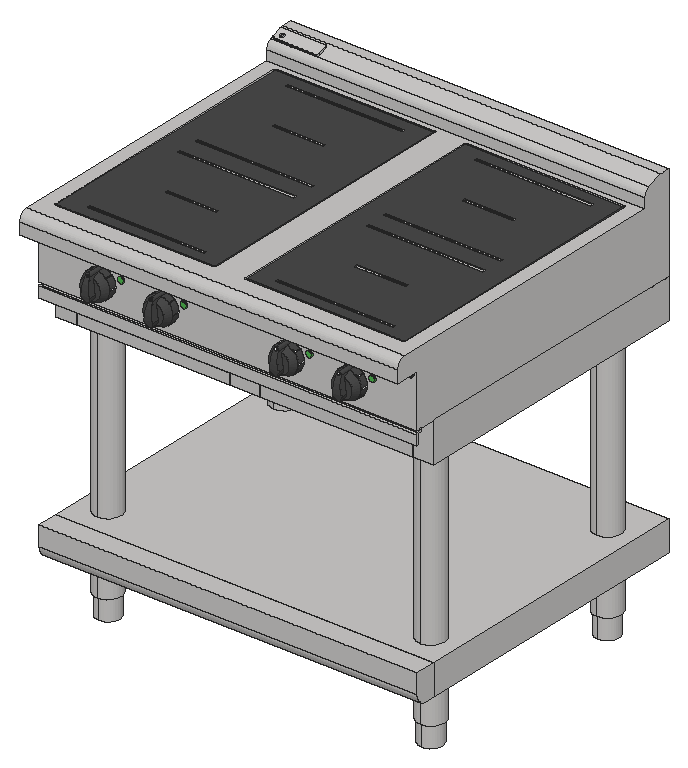
Revit family "QF_Moffat_INL8400R3-LS_Induction Cooktop_cat", category Specialty Equipment, Revit 2019 (continued)
Definition of nested family "QF_LOGO_Waldorf1"
  Forms (mm)
    Extrusion 1, solid
      sketch origin (0, 0, 0) x (1, 0, 0) y (0, 0.920505, 0.390731)
        loop
          spline (105, 0) -> (105.522, 0.03) -> (106.035, 0.118) -> (106.531, 0.264) -> (107, 0.464) -> (107.435, 0.716) -> (107.828, 1.015) -> (108.173, 1.355) -> (108.464, 1.732) -> (108.696, 2.138) -> (108.864, 2.568) -> (108.966, 3.012) -> (109, 3.464)
        loop
          line (14.75, 7.005) -> (14.75, 15.654)
          arc (14.75, 15.654) -> (10.425, 11.329) -> (14.75, 7.005) r 4.325
        loop
          line (15.25, 15.654) -> (15.25, 7.005)
          arc (15.25, 7.005) -> (19.575, 11.329) -> (15.25, 15.654) r 4.325
      from 0 to 3.2
    Extrusion 2, solid
      sketch origin (0, 0, 0) x (1, 0, 0) y (0, 0.920505, 0.390731)
        loop
          line (15.25, 15.654) -> (15.25, 7.005)
          arc (15.25, 7.005) -> (19.575, 11.329) -> (15.25, 15.654) r 4.325
      from 0 to 3.2
    Extrusion 3, solid
      sketch origin (16.271, 0, 0) x (-1, 0, 0) y (0, -0.920505, -0.390731)
        loop
          arc (1.521, -15.654) -> (5.846, -11.329) -> (1.521, -7.005) r 4.325
          line (1.521, -7.005) -> (1.521, -15.654)
      from 0 to 3.2
  Lines and regions (mm)
    Split face 1
      outline origin (0, -1.25, 2.946) x (1, 0, 0) y (0, 0.920505, 0.390731)
        loop
          spline (22.129, 16.975) -> (22.389, 15.984) -> (22.649, 15.002) -> (22.91, 14.028) -> (23.172, 13.065) -> (23.433, 12.11) -> (23.695, 11.166) -> (23.956, 10.232) -> (24.218, 9.308) -> (24.479, 8.396) -> (24.74, 7.495) -> (25, 6.605) -> (25.26, 5.728)
          line (25.26, 5.728) -> (29.463, 5.728)
          spline (29.463, 5.728) -> (29.582, 6.252) -> (29.701, 6.78) -> (29.82, 7.313) -> (29.939, 7.85) -> (30.058, 8.391) -> (30.178, 8.936) -> (30.297, 9.485) -> (30.416, 10.038) -> (30.536, 10.594) -> (30.655, 11.155) -> (30.775, 11.719) -> (30.894, 12.287)
          spline (30.894, 12.287) -> (31.018, 11.719) -> (31.142, 11.155) -> (31.266, 10.594) -> (31.39, 10.038) -> (31.514, 9.485) -> (31.638, 8.936) -> (31.762, 8.391) -> (31.885, 7.85) -> (32.009, 7.313) -> (32.133, 6.78) -> (32.256, 6.252) -> (32.379, 5.728)
          line (32.379, 5.728) -> (36.51, 5.728)
          spline (36.51, 5.728) -> (36.766, 6.605) -> (37.023, 7.495) -> (37.28, 8.396) -> (37.538, 9.308) -> (37.795, 10.232) -> (38.053, 11.166) -> (38.311, 12.11) -> (38.569, 13.065) -> (38.826, 14.028) -> (39.083, 15.002) -> (39.34, 15.984) -> (39.597, 16.975)
          line (39.597, 16.975) -> (35.637, 16.975)
          spline (35.637, 16.975) -> (35.523, 16.334) -> (35.41, 15.697) -> (35.296, 15.063) -> (35.182, 14.433) -> (35.068, 13.807) -> (34.954, 13.185) -> (34.84, 12.566) -> (34.726, 11.952) -> (34.612, 11.342) -> (34.497, 10.737) -> (34.383, 10.135) -> (34.269, 9.538)
          spline (34.269, 9.538) -> (34.138, 10.135) -> (34.008, 10.737) -> (33.877, 11.342) -> (33.746, 11.952) -> (33.616, 12.566) -> (33.485, 13.185) -> (33.354, 13.807) -> (33.224, 14.433) -> (33.093, 15.063) -> (32.963, 15.697) -> (32.833, 16.334) -> (32.703, 16.975)
          line (32.703, 16.975) -> (29.247, 16.975)
          spline (29.247, 16.975) -> (29.111, 16.334) -> (28.974, 15.697) -> (28.837, 15.063) -> (28.7, 14.433) -> (28.562, 13.807) -> (28.425, 13.185) -> (28.288, 12.566) -> (28.15, 11.952) -> (28.013, 11.342) -> (27.875, 10.737) -> (27.738, 10.135) -> (27.6, 9.538)
          spline (27.6, 9.538) -> (27.483, 10.135) -> (27.366, 10.737) -> (27.249, 11.342) -> (27.132, 11.952) -> (27.015, 12.566) -> (26.897, 13.185) -> (26.78, 13.807) -> (26.663, 14.433) -> (26.546, 15.063) -> (26.43, 15.697) -> (26.313, 16.334) -> (26.196, 16.975)
          line (26.196, 16.975) -> (22.129, 16.975)
    Split face 2
      outline origin (0, -1.25, 2.946) x (1, 0, 0) y (0, 0.920505, 0.390731)
        loop
          line (51.449, 5.728) -> (51.035, 6.606) -> (51.035, 11.169)
          spline (51.035, 11.169) -> (50.686, 12.42) -> (50.176, 13.224) -> (49.51, 13.708) -> (48.693, 13.995) -> (47.747, 14.152) -> (46.698, 14.207) -> (45.579, 14.186) -> (44.419, 14.114) -> (43.279, 13.929) -> (42.249, 13.481) -> (41.424, 12.614) -> (40.897, 11.169)
          line (40.897, 11.169) -> (44.617, 11.169) -> (44.988, 11.965)
          spline (44.988, 11.965) -> (47.294, 11.682) -> (46.856, 10.932) -> (45.527, 10.609) -> (43.858, 10.439) -> (42.259, 10.123) -> (41.078, 9.417) -> (40.563, 8.246) -> (40.689, 6.989) -> (41.407, 6.052) -> (42.774, 5.536) -> (44.847, 5.497) -> (47.306, 6.602)
          line (47.306, 6.602) -> (47.624, 5.728) -> (51.449, 5.728)
    Split face 3
      outline origin (0, -1.25, 2.946) x (1, 0, 0) y (0, 0.920505, 0.390731)
        loop
          line (47.264, 9.264) -> (44.938, 8.597)
          spline (44.938, 8.597) -> (44.508, 8.228) -> (44.402, 7.9) -> (44.548, 7.626) -> (44.877, 7.42) -> (45.317, 7.295) -> (45.797, 7.265) -> (46.252, 7.342) -> (46.65, 7.525) -> (46.971, 7.813) -> (47.194, 8.201) -> (47.298, 8.685) -> (47.264, 9.264)
    Split face 4
      outline origin (0, -1.25, 2.946) x (1, 0, 0) y (0, 0.920505, 0.390731)
        loop
          line (53.33, 16.975) -> (53.33, 5.728) -> (57.173, 5.728) -> (57.173, 16.975) -> (53.33, 16.975)
    Split face 5
      outline origin (0, -1.25, 2.946) x (1, 0, 0) y (0, 0.920505, 0.390731)
        loop
          line (65.795, 16.975) -> (65.795, 12.976)
          spline (65.795, 12.976) -> (63.839, 14.082) -> (62.087, 14.096) -> (60.633, 13.343) -> (59.574, 12.148) -> (58.99, 10.806) -> (58.867, 9.452) -> (59.156, 8.159) -> (59.81, 7) -> (60.786, 6.056) -> (62.111, 5.514) -> (63.868, 5.634) -> (66.137, 6.679)
          line (66.137, 6.679) -> (66.137, 5.728) -> (69.511, 5.728) -> (69.511, 16.975) -> (65.795, 16.975)
    Split face 6
      outline origin (0, -1.25, 2.946) x (1, 0, 0) y (0, 0.920505, 0.390731)
        loop
          spline (64.273, 7.499) -> (64.754, 7.57) -> (65.202, 7.777) -> (65.587, 8.106) -> (65.882, 8.535) -> (66.067, 9.034) -> (66.131, 9.57) -> (66.067, 10.106) -> (65.882, 10.605) -> (65.587, 11.034) -> (65.202, 11.363) -> (64.754, 11.57) -> (64.273, 11.64)
          spline (64.273, 11.64) -> (63.793, 11.57) -> (63.345, 11.363) -> (62.96, 11.034) -> (62.665, 10.605) -> (62.479, 10.106) -> (62.416, 9.57) -> (62.479, 9.034) -> (62.665, 8.535) -> (62.96, 8.106) -> (63.345, 7.777) -> (63.793, 7.57) -> (64.273, 7.499)
    Split face 7
      outline origin (0, -1.25, 2.946) x (1, 0, 0) y (0, 0.920505, 0.390731)
        loop
          spline (76.449, 5.305) -> (77.855, 5.457) -> (79.166, 5.901) -> (80.291, 6.607) -> (81.155, 7.527) -> (81.698, 8.599) -> (81.883, 9.749) -> (81.698, 10.899) -> (81.155, 11.97) -> (80.291, 12.891) -> (79.166, 13.597) -> (77.855, 14.041) -> (76.449, 14.192)
          spline (76.449, 14.192) -> (75.042, 14.041) -> (73.731, 13.597) -> (72.606, 12.891) -> (71.742, 11.97) -> (71.199, 10.899) -> (71.014, 9.749) -> (71.199, 8.599) -> (71.742, 7.527) -> (72.606, 6.607) -> (73.731, 5.901) -> (75.042, 5.457) -> (76.449, 5.305)
    Split face 8
      outline origin (0, -1.25, 2.946) x (1, 0, 0) y (0, 0.920505, 0.390731)
        loop
          spline (76.449, 7.654) -> (76.841, 7.725) -> (77.206, 7.934) -> (77.52, 8.267) -> (77.76, 8.701) -> (77.912, 9.206) -> (77.963, 9.749) -> (77.912, 10.291) -> (77.76, 10.796) -> (77.52, 11.23) -> (77.206, 11.563) -> (76.841, 11.772) -> (76.449, 11.843)
          spline (76.449, 11.843) -> (76.057, 11.772) -> (75.691, 11.563) -> (75.378, 11.23) -> (75.137, 10.796) -> (74.986, 10.291) -> (74.934, 9.749) -> (74.986, 9.206) -> (75.137, 8.701) -> (75.378, 8.267) -> (75.691, 7.934) -> (76.057, 7.725) -> (76.449, 7.654)
    Split face 9
      outline origin (0, -1.25, 2.946) x (1, 0, 0) y (0, 0.920505, 0.390731)
        loop
          line (86.998, 12.335) -> (86.998, 13.879) -> (83.479, 13.879) -> (83.479, 5.728) -> (87.312, 5.728) -> (87.312, 8.975)
          spline (87.312, 8.975) -> (87.364, 9.356) -> (87.458, 9.686) -> (87.594, 9.968) -> (87.769, 10.204) -> (87.982, 10.398) -> (88.229, 10.55) -> (88.509, 10.666) -> (88.82, 10.746) -> (89.16, 10.794) -> (89.525, 10.812) -> (89.915, 10.803) -> (90.327, 10.77)
          line (90.327, 10.77) -> (90.327, 14.113)
          spline (90.327, 14.113) -> (89.929, 14.127) -> (89.552, 14.111) -> (89.197, 14.066) -> (88.865, 13.991) -> (88.554, 13.887) -> (88.266, 13.754) -> (87.999, 13.591) -> (87.755, 13.399) -> (87.532, 13.177) -> (87.332, 12.926) -> (87.154, 12.645) -> (86.998, 12.335)
    Split face 10
      outline origin (0, -1.25, 2.946) x (1, 0, 0) y (0, 0.920505, 0.390731)
        loop
          line (92.082, 13.879) -> (90.894, 13.879) -> (90.894, 11.972) -> (92.082, 11.972) -> (92.082, 5.728) -> (95.871, 5.728) -> (95.871, 11.972) -> (97.5, 11.972) -> (97.5, 13.879) -> (95.871, 13.879)
          spline (95.871, 13.879) -> (95.843, 14.088) -> (95.845, 14.278) -> (95.877, 14.447) -> (95.939, 14.596) -> (96.03, 14.726) -> (96.151, 14.835) -> (96.301, 14.925) -> (96.482, 14.995) -> (96.692, 15.045) -> (96.931, 15.075) -> (97.201, 15.085) -> (97.5, 15.076)
          line (97.5, 15.076) -> (97.5, 17.266) -> (95.367, 17.266)
          spline (95.367, 17.266) -> (94.982, 17.253) -> (94.58, 17.21) -> (94.174, 17.132) -> (93.774, 17.013) -> (93.39, 16.846) -> (93.034, 16.627) -> (92.717, 16.349) -> (92.448, 16.007) -> (92.24, 15.595) -> (92.102, 15.106) -> (92.046, 14.537) -> (92.082, 13.879)
  Dimensions and locks
    equal spacing: plane 3 "LEFT", plane 7 "Center Y", plane 4 "RIGHT"
    "Length": plane 3 "LEFT" to plane 4 "RIGHT"
    equal spacing: plane 5 "FRONT", plane 8 "Center X", plane 1 "BACK"
    "Depth": plane 5 "FRONT" to plane 1 "BACK"
    "Height": plane 6 "TOP" to level
    plane 4 "RIGHT" to plane 3 "LEFT" = 138 mm
    aligned and locked: level to plane 2
  Automatic sketch dimensions
    Extrusion 1 sketch curve to plane 3 "LEFT" = 0 mm
    plane 3 "LEFT" to Extrusion 1 sketch curve = 4 mm  (x2)
    Extrusion 1 sketch curve to Extrusion 1 sketch curve = 10.75 mm
    Extrusion 1 sketch curve to Extrusion 1 sketch curve = 0.5 mm
    plane 4 "RIGHT" to Extrusion 1 sketch curve = 33 mm
    Extrusion 1 sketch curve to Extrusion 1 sketch curve = 0 mm  (x3)
    Extrusion 1 sketch curve to Extrusion 1 sketch curve = 4 mm
    Extrusion 1 sketch curve to Extrusion 1 sketch curve = 3.464 mm  (x3)
    Extrusion 1 sketch curve to Extrusion 1 sketch curve = 3.541 mm
    Extrusion 1 sketch curve to Extrusion 1 sketch curve = 4.325 mm
    Extrusion 1 sketch curve to Extrusion 1 sketch curve = 19.783 mm
    Extrusion 1 sketch curve to Extrusion 1 sketch curve = 7.592 mm
    plane 3 "LEFT" to Extrusion 2 sketch curve = 15.25 mm
    Extrusion 2 sketch curve to Extrusion 2 sketch curve = 4.325 mm
    plane 3 "LEFT" to Extrusion 3 sketch curve = 14.75 mm
    Extrusion 3 sketch curve to Extrusion 3 sketch curve = 4.325 mm
    Extrusion 1 to Split face 1 sketch curve = 6.879 mm
    Split face 1 sketch curve to Extrusion 1 = 5.728 mm
    Split face 1 sketch curve to Split face 1 sketch curve = 3.132 mm
    Split face 1 sketch curve to Split face 1 sketch curve = 4.068 mm
    Split face 1 sketch curve to Split face 1 sketch curve = 3.051 mm
    Split face 1 sketch curve to Split face 1 sketch curve = 4.203 mm
    Split face 1 sketch curve to Split face 1 sketch curve = 2.916 mm
    Split face 1 sketch curve to Split face 1 sketch curve = 3.456 mm
    Split face 1 sketch curve to Split face 1 sketch curve = 2.934 mm
    Split face 1 sketch curve to Split face 1 sketch curve = 4.131 mm
    Split face 1 sketch curve to Split face 1 sketch curve = 3.96 mm
    Split face 1 sketch curve to Split face 1 sketch curve = 0 mm  (x2)
    Split face 1 sketch curve to Extrusion 1 = 9.736 mm  (x2)
    Extrusion 1 to Split face 1 sketch curve = 6.337 mm
    Extrusion 1 to Split face 1 sketch curve = 6.231 mm
    Extrusion 1 to Split face 1 sketch curve = 3.184 mm
    Extrusion 1 to Split face 1 sketch curve = 13.135 mm
    Split face 1 sketch curve to Split face 1 sketch curve = 4.652 mm
    Split face 1 sketch curve to Split face 1 sketch curve = 3.593 mm
    Split face 1 sketch curve to Split face 1 sketch curve = 1.863 mm
    Split face 1 sketch curve to Split face 1 sketch curve = 0.713 mm
    Split face 1 sketch curve to Split face 1 sketch curve = 2.684 mm
    Split face 1 sketch curve to Split face 1 sketch curve = 3.294 mm
    Split face 1 sketch curve to Split face 1 sketch curve = 0.459 mm
    Split face 1 sketch curve to Split face 1 sketch curve = 2.775 mm
    Split face 1 sketch curve to Split face 1 sketch curve = 1.89 mm
    Split face 1 sketch curve to Split face 1 sketch curve = 0.685 mm
    Split face 1 sketch curve to Split face 1 sketch curve = 9.486 mm
    Split face 1 sketch curve to Split face 1 sketch curve = 16.213 mm
    Split face 1 sketch curve to Split face 1 sketch curve = 3.48 mm
    Split face 1 sketch curve to Split face 1 sketch curve = 4.918 mm
    Split face 1 sketch curve to Split face 1 sketch curve = 7.609 mm
    Split face 1 sketch curve to Split face 1 sketch curve = 0.01 mm  (x2)
    Split face 1 sketch curve to Split face 1 sketch curve = 0.002 mm
    Split face 2 sketch curve to Extrusion 1 = 11.169 mm
    Extrusion 1 to Split face 2 sketch curve = 25.647 mm
    Split face 2 sketch curve to Split face 2 sketch curve = 3.72 mm
    Split face 2 sketch curve to Extrusion 1 = 11.965 mm
    Split face 2 sketch curve to Split face 2 sketch curve = 0.371 mm
    Split face 2 sketch curve to Extrusion 1 = 6.602 mm
    Split face 2 sketch curve to Split face 2 sketch curve = 2.689 mm
    Split face 2 sketch curve to Split face 2 sketch curve = 0.318 mm
    Split face 2 sketch curve to Split face 2 sketch curve = 3.729 mm
    Split face 2 sketch curve to Split face 2 sketch curve = 0.414 mm
    Split face 2 sketch curve to Split face 2 sketch curve = 0.875 mm
    Split face 2 sketch curve to Split face 2 sketch curve = 0.878 mm
    Split face 3 sketch curve to Extrusion 1 = 8.597 mm
    Extrusion 1 to Split face 3 sketch curve = 29.688 mm
    Split face 3 sketch curve to Extrusion 1 = 9.264 mm
    Split face 3 sketch curve to Split face 3 sketch curve = 2.326 mm
    Split face 4 sketch curve to Extrusion 1 = 5.728 mm
    Extrusion 1 to Split face 4 sketch curve = 38.08 mm
    Split face 4 sketch curve to Split face 4 sketch curve = 3.843 mm
    Split face 4 sketch curve to Extrusion 1 = 9.736 mm
    Split face 5 sketch curve to Extrusion 1 = 9.736 mm
    Split face 5 sketch curve to Extrusion 1 = 43.205 mm
    Split face 5 sketch curve to Extrusion 1 = 6.679 mm
    Split face 5 sketch curve to Split face 5 sketch curve = 0.342 mm
    Split face 5 sketch curve to Split face 5 sketch curve = 3.375 mm
    Split face 5 sketch curve to Split face 5 sketch curve = 0.952 mm
    Split face 5 sketch curve to Split face 5 sketch curve = 3.998 mm
    Split face 6 sketch curve to Extrusion 1 = 7.499 mm
    Split face 6 sketch curve to Extrusion 1 = 44.727 mm
    Split face 6 sketch curve to Split face 6 sketch curve = 2.07 mm
    Split face 7 sketch curve to Extrusion 1 = 5.305 mm
    Split face 7 sketch curve to Extrusion 1 = 32.551 mm
    Split face 7 sketch curve to Split face 7 sketch curve = 4.443 mm
    Split face 8 sketch curve to Extrusion 1 = 7.654 mm
    Split face 8 sketch curve to Extrusion 1 = 32.551 mm
    Split face 8 sketch curve to Split face 8 sketch curve = 2.095 mm
    Split face 9 sketch curve to Extrusion 1 = 5.728 mm
    Split face 9 sketch curve to Extrusion 1 = 25.521 mm
    Split face 9 sketch curve to Split face 9 sketch curve = 3.519 mm
    Split face 9 sketch curve to Split face 9 sketch curve = 0.315 mm
    Split face 9 sketch curve to Split face 9 sketch curve = 3.33 mm
    Split face 9 sketch curve to Split face 9 sketch curve = 3.248 mm
    Split face 9 sketch curve to Split face 9 sketch curve = 1.795 mm
    Split face 9 sketch curve to Split face 9 sketch curve = 3.36 mm
    Split face 9 sketch curve to Split face 9 sketch curve = 1.545 mm
    Split face 9 sketch curve to Split face 9 sketch curve = 0.233 mm
    Split face 10 sketch curve to Extrusion 1 = 18.106 mm
    Split face 10 sketch curve to Split face 10 sketch curve = 1.188 mm  (x2)
    Split face 10 sketch curve to Split face 10 sketch curve = 3.285 mm
    Split face 10 sketch curve to Split face 10 sketch curve = 3.789 mm
    Split face 10 sketch curve to Split face 10 sketch curve = 0 mm  (x2)
    Split face 10 sketch curve to Split face 10 sketch curve = 1.629 mm
    Split face 10 sketch curve to Split face 10 sketch curve = 2.133 mm
    Split face 10 sketch curve to Extrusion 1 = 5.728 mm
    Split face 10 sketch curve to Split face 10 sketch curve = 6.245 mm
    Split face 10 sketch curve to Split face 10 sketch curve = 1.907 mm  (x2)
    Split face 10 sketch curve to Split face 10 sketch curve = 1.197 mm
    Split face 10 sketch curve to Split face 10 sketch curve = 2.19 mm
